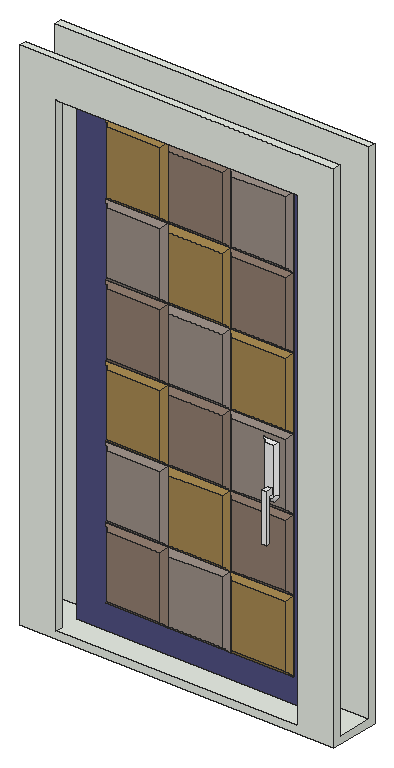
Revit family
Parameters (values of type "현관-단문")
  문열림각도 [instance] = 90.00°
  Thickness = 75 mm
  Function = (empty or 0)
  Frame Projection Ext. = 30 mm
  Frame Projection Int. = 30 mm
  Frame Width = 150 mm
  Height = 2000 mm
  Wall Closure = (empty or 0)
  Width = 1000 mm
  Assembly Code = ""
Reference planes
  plane 1 "center": y = 0
  plane 2 "Center (Left/Right)": x = 0
  plane 3 "Left": x = -500
  plane 4 "Right": x = 500
  plane 5: z = 2000
  plane 6 "Exterior": y = 75
  plane 7 "Interior": y = -75
Forms (mm)
  Extrusion 1, solid, material "돌"
    sketch origin (-3050, -75, 0) x (1, 0, 0) y (0, 0, 1)
      loop
        line (2400, 0) -> (2550, 0) -> (2550, 2000) -> (3550, 2000) -> (3550, 0) -> (3700, 0) -> (3700, 2150) -> (2400, 2150) -> (2400, 0)
    from 0 to 30
  Extrusion 2, solid, material "돌"
    sketch origin (-3050, 75, 0) x (-1, 0, 0) y (0, 0, 1)
      loop
        line (-2550, 0) -> (-2400, 0) -> (-2400, 2150) -> (-3700, 2150) -> (-3700, 0) -> (-3550, 0) -> (-3550, 2000) -> (-2550, 2000) -> (-2550, 0)
    from 0 to 30
  Extrusion 3, solid, material "문판넬"
    sketch origin (0, 0, 0) x (1, 0, 0) y (0, 1, 0)
      loop
        line (-500, 75) -> (-500, 0) -> (500, 0) -> (500, 75) -> (-500, 75)
    from 30.46 to 2000
  Extrusion 4, solid, material "돌"
    sketch origin (0, 0, 0) x (1, 0, 0) y (0, 1, 0)
      loop
        line (-650, 105) -> (-650, -105) -> (650, -105) -> (650, 105) -> (-650, 105)
    from 0 to 30.46
  Sweep 5, void
    path origin (0, 75, 0) x (1, 0, 0) y (0, 0, 1)
      loop
        line (650, 0) -> (650, 2150) -> (-650, 2150) -> (-650, 0)
    profile origin (650, 75, 2150) x (-1, 0, 0) y (0, -1, 0)
      loop
        line (150, -10) -> (140, -10) -> (35, -25) -> (35, -30) -> (150, -30) -> (150, -10)
      loop
        line (150, 218.715) -> (150, 238.715) -> (35, 238.715) -> (35, 233.715) -> (140, 218.715) -> (150, 218.715)
  Extrusion 6, solid, material "판넬 3"
    sketch origin (0, 75, 0) x (1, 0, 0) y (0, 0, 1)
      loop
        line (400, 1930.46) -> (140, 1930.46) -> (140, 1630.46) -> (400, 1630.46) -> (400, 1930.46)
    from -19.841 to 94.731
  Sweep 7, void
    path origin (0, 75, 0) x (1, 0, 0) y (0, 0, 1)
      loop
        line (400, 1630.46) -> (400, 1930.46) -> (140, 1930.46) -> (140, 1630.46) -> (400, 1630.46)
    profile origin (270, 75, 1930.46) x (0, 0, -1) y (0, -1, 0)
      loop
        line (0, 0) -> (0, -19.841) -> (19.841, -19.841) -> (0, 0)
      loop
        line (0, 75) -> (19.731, 94.731) -> (0, 94.731) -> (0, 75)
  Extrusion 8, solid, material "판넬1"
    sketch origin (-260, 75, 0) x (1, 0, 0) y (0, 0, 1)
      loop
        line (400, 1930.46) -> (140, 1930.46) -> (140, 1630.46) -> (400, 1630.46) -> (400, 1930.46)
    from -19.841 to 94.731
  Sweep 9, void
    path origin (-260, 75, 0) x (1, 0, 0) y (0, 0, 1)
      loop
        line (400, 1630.46) -> (400, 1930.46) -> (140, 1930.46) -> (140, 1630.46) -> (400, 1630.46)
    profile origin (10, 75, 1930.46) x (0, 0, -1) y (0, -1, 0)
      loop
        line (0, 0) -> (0, -19.841) -> (19.841, -19.841) -> (0, 0)
      loop
        line (0, 75) -> (19.731, 94.731) -> (0, 94.731) -> (0, 75)
  Extrusion 10, solid, material "판넬2"
    sketch origin (-520, 75, 0) x (1, 0, 0) y (0, 0, 1)
      loop
        line (400, 1930.46) -> (140, 1930.46) -> (140, 1630.46) -> (400, 1630.46) -> (400, 1930.46)
    from -19.841 to 94.731
  Sweep 11, void
    path origin (-520, 75, 0) x (1, 0, 0) y (0, 0, 1)
      loop
        line (400, 1630.46) -> (400, 1930.46) -> (140, 1930.46) -> (140, 1630.46) -> (400, 1630.46)
    profile origin (-250, 75, 1930.46) x (0, 0, -1) y (0, -1, 0)
      loop
        line (0, 0) -> (0, -19.841) -> (19.841, -19.841) -> (0, 0)
      loop
        line (0, 75) -> (19.731, 94.731) -> (0, 94.731) -> (0, 75)
  Extrusion 12, solid, material "판넬1"
    sketch origin (0, 75, -300) x (1, 0, 0) y (0, 0, 1)
      loop
        line (400, 1930.46) -> (140, 1930.46) -> (140, 1630.46) -> (400, 1630.46) -> (400, 1930.46)
    from -19.841 to 94.731
  Sweep 13, void
    path origin (0, 75, -300) x (1, 0, 0) y (0, 0, 1)
      loop
        line (400, 1630.46) -> (400, 1930.46) -> (140, 1930.46) -> (140, 1630.46) -> (400, 1630.46)
    profile origin (270, 75, 1630.46) x (0, 0, -1) y (0, -1, 0)
      loop
        line (0, 0) -> (0, -19.841) -> (19.841, -19.841) -> (0, 0)
      loop
        line (0, 75) -> (19.731, 94.731) -> (0, 94.731) -> (0, 75)
  Extrusion 14, solid, material "판넬2"
    sketch origin (-260, 75, -300) x (1, 0, 0) y (0, 0, 1)
      loop
        line (400, 1930.46) -> (140, 1930.46) -> (140, 1630.46) -> (400, 1630.46) -> (400, 1930.46)
    from -19.841 to 94.731
  Sweep 15, void
    path origin (-260, 75, -300) x (1, 0, 0) y (0, 0, 1)
      loop
        line (400, 1630.46) -> (400, 1930.46) -> (140, 1930.46) -> (140, 1630.46) -> (400, 1630.46)
    profile origin (10, 75, 1630.46) x (0, 0, -1) y (0, -1, 0)
      loop
        line (0, 0) -> (0, -19.841) -> (19.841, -19.841) -> (0, 0)
      loop
        line (0, 75) -> (19.731, 94.731) -> (0, 94.731) -> (0, 75)
  Extrusion 16, solid, material "판넬 3"
    sketch origin (-520, 75, -300) x (1, 0, 0) y (0, 0, 1)
      loop
        line (400, 1930.46) -> (140, 1930.46) -> (140, 1630.46) -> (400, 1630.46) -> (400, 1930.46)
    from -19.841 to 94.731
  Sweep 17, void
    path origin (-520, 75, -300) x (1, 0, 0) y (0, 0, 1)
      loop
        line (400, 1630.46) -> (400, 1930.46) -> (140, 1930.46) -> (140, 1630.46) -> (400, 1630.46)
    profile origin (-250, 75, 1630.46) x (0, 0, -1) y (0, -1, 0)
      loop
        line (0, 0) -> (0, -19.841) -> (19.841, -19.841) -> (0, 0)
      loop
        line (0, 75) -> (19.731, 94.731) -> (0, 94.731) -> (0, 75)
  Extrusion 18, solid, material "판넬2"
    sketch origin (0, 75, -600) x (1, 0, 0) y (0, 0, 1)
      loop
        line (400, 1930.46) -> (140, 1930.46) -> (140, 1630.46) -> (400, 1630.46) -> (400, 1930.46)
    from -19.841 to 94.731
  Sweep 19, void
    path origin (0, 75, -600) x (1, 0, 0) y (0, 0, 1)
      loop
        line (400, 1630.46) -> (400, 1930.46) -> (140, 1930.46) -> (140, 1630.46) -> (400, 1630.46)
    profile origin (270, 75, 1330.46) x (0, 0, -1) y (0, -1, 0)
      loop
        line (0, 0) -> (0, -19.841) -> (19.841, -19.841) -> (0, 0)
      loop
        line (0, 75) -> (19.731, 94.731) -> (0, 94.731) -> (0, 75)
  Extrusion 20, solid, material "판넬 3"
    sketch origin (-260, 75, -600) x (1, 0, 0) y (0, 0, 1)
      loop
        line (400, 1930.46) -> (140, 1930.46) -> (140, 1630.46) -> (400, 1630.46) -> (400, 1930.46)
    from -19.841 to 94.731
  Sweep 21, void
    path origin (-260, 75, -600) x (1, 0, 0) y (0, 0, 1)
      loop
        line (400, 1630.46) -> (400, 1930.46) -> (140, 1930.46) -> (140, 1630.46) -> (400, 1630.46)
    profile origin (10, 75, 1330.46) x (0, 0, -1) y (0, -1, 0)
      loop
        line (0, 0) -> (0, -19.841) -> (19.841, -19.841) -> (0, 0)
      loop
        line (0, 75) -> (19.731, 94.731) -> (0, 94.731) -> (0, 75)
  Extrusion 22, solid, material "판넬1"
    sketch origin (-520, 75, -600) x (1, 0, 0) y (0, 0, 1)
      loop
        line (400, 1930.46) -> (140, 1930.46) -> (140, 1630.46) -> (400, 1630.46) -> (400, 1930.46)
    from -19.841 to 94.731
  Sweep 23, void
    path origin (-520, 75, -600) x (1, 0, 0) y (0, 0, 1)
      loop
        line (400, 1630.46) -> (400, 1930.46) -> (140, 1930.46) -> (140, 1630.46) -> (400, 1630.46)
    profile origin (-250, 75, 1330.46) x (0, 0, -1) y (0, -1, 0)
      loop
        line (0, 0) -> (0, -19.841) -> (19.841, -19.841) -> (0, 0)
      loop
        line (0, 75) -> (19.731, 94.731) -> (0, 94.731) -> (0, 75)
  Extrusion 24, solid, material "판넬 3"
    sketch origin (0, 75, -900) x (1, 0, 0) y (0, 0, 1)
      loop
        line (400, 1930.46) -> (140, 1930.46) -> (140, 1630.46) -> (400, 1630.46) -> (400, 1930.46)
    from -19.841 to 94.731
  Sweep 25, void
    path origin (0, 75, -900) x (1, 0, 0) y (0, 0, 1)
      loop
        line (400, 1630.46) -> (400, 1930.46) -> (140, 1930.46) -> (140, 1630.46) -> (400, 1630.46)
    profile origin (270, 75, 1030.46) x (0, 0, -1) y (0, -1, 0)
      loop
        line (0, 0) -> (0, -19.841) -> (19.841, -19.841) -> (0, 0)
      loop
        line (0, 75) -> (19.731, 94.731) -> (0, 94.731) -> (0, 75)
  Extrusion 26, solid, material "판넬1"
    sketch origin (-260, 75, -900) x (1, 0, 0) y (0, 0, 1)
      loop
        line (400, 1930.46) -> (140, 1930.46) -> (140, 1630.46) -> (400, 1630.46) -> (400, 1930.46)
    from -19.841 to 94.731
  Sweep 27, void
    path origin (-260, 75, -900) x (1, 0, 0) y (0, 0, 1)
      loop
        line (400, 1630.46) -> (400, 1930.46) -> (140, 1930.46) -> (140, 1630.46) -> (400, 1630.46)
    profile origin (10, 75, 1030.46) x (0, 0, -1) y (0, -1, 0)
      loop
        line (0, 0) -> (0, -19.841) -> (19.841, -19.841) -> (0, 0)
      loop
        line (0, 75) -> (19.731, 94.731) -> (0, 94.731) -> (0, 75)
  Extrusion 28, solid, material "판넬2"
    sketch origin (-520, 75, -900) x (1, 0, 0) y (0, 0, 1)
      loop
        line (400, 1930.46) -> (140, 1930.46) -> (140, 1630.46) -> (400, 1630.46) -> (400, 1930.46)
    from -19.841 to 94.731
  Sweep 29, void
    path origin (-520, 75, -900) x (1, 0, 0) y (0, 0, 1)
      loop
        line (400, 1630.46) -> (400, 1930.46) -> (140, 1930.46) -> (140, 1630.46) -> (400, 1630.46)
    profile origin (-250, 75, 1030.46) x (0, 0, -1) y (0, -1, 0)
      loop
        line (0, 0) -> (0, -19.841) -> (19.841, -19.841) -> (0, 0)
      loop
        line (0, 75) -> (19.731, 94.731) -> (0, 94.731) -> (0, 75)
  Extrusion 30, solid, material "판넬1"
    sketch origin (0, 75, -1200) x (1, 0, 0) y (0, 0, 1)
      loop
        line (400, 1930.46) -> (140, 1930.46) -> (140, 1630.46) -> (400, 1630.46) -> (400, 1930.46)
    from -19.841 to 94.731
  Sweep 31, void
    path origin (0, 75, -1200) x (1, 0, 0) y (0, 0, 1)
      loop
        line (400, 1630.46) -> (400, 1930.46) -> (140, 1930.46) -> (140, 1630.46) -> (400, 1630.46)
    profile origin (270, 75, 730.46) x (0, 0, -1) y (0, -1, 0)
      loop
        line (0, 0) -> (0, -19.841) -> (19.841, -19.841) -> (0, 0)
      loop
        line (0, 75) -> (19.731, 94.731) -> (0, 94.731) -> (0, 75)
  Extrusion 32, solid, material "판넬2"
    sketch origin (-260, 75, -1200) x (1, 0, 0) y (0, 0, 1)
      loop
        line (400, 1930.46) -> (140, 1930.46) -> (140, 1630.46) -> (400, 1630.46) -> (400, 1930.46)
    from -19.841 to 94.731
  Sweep 33, void
    path origin (-260, 75, -1200) x (1, 0, 0) y (0, 0, 1)
      loop
        line (400, 1630.46) -> (400, 1930.46) -> (140, 1930.46) -> (140, 1630.46) -> (400, 1630.46)
    profile origin (10, 75, 730.46) x (0, 0, -1) y (0, -1, 0)
      loop
        line (0, 0) -> (0, -19.841) -> (19.841, -19.841) -> (0, 0)
      loop
        line (0, 75) -> (19.731, 94.731) -> (0, 94.731) -> (0, 75)
  Extrusion 34, solid, material "판넬 3"
    sketch origin (-520, 75, -1200) x (1, 0, 0) y (0, 0, 1)
      loop
        line (400, 1930.46) -> (140, 1930.46) -> (140, 1630.46) -> (400, 1630.46) -> (400, 1930.46)
    from -19.841 to 94.731
  Sweep 35, void
    path origin (-520, 75, -1200) x (1, 0, 0) y (0, 0, 1)
      loop
        line (400, 1630.46) -> (400, 1930.46) -> (140, 1930.46) -> (140, 1630.46) -> (400, 1630.46)
    profile origin (-250, 75, 730.46) x (0, 0, -1) y (0, -1, 0)
      loop
        line (0, 0) -> (0, -19.841) -> (19.841, -19.841) -> (0, 0)
      loop
        line (0, 75) -> (19.731, 94.731) -> (0, 94.731) -> (0, 75)
  Extrusion 36, solid, material "판넬2"
    sketch origin (0, 75, -1500) x (1, 0, 0) y (0, 0, 1)
      loop
        line (400, 1930.46) -> (140, 1930.46) -> (140, 1630.46) -> (400, 1630.46) -> (400, 1930.46)
    from -19.841 to 94.731
  Sweep 37, void
    path origin (0, 75, -1500) x (1, 0, 0) y (0, 0, 1)
      loop
        line (400, 1630.46) -> (400, 1930.46) -> (140, 1930.46) -> (140, 1630.46) -> (400, 1630.46)
    profile origin (270, 75, 430.46) x (0, 0, -1) y (0, -1, 0)
      loop
        line (0, 0) -> (0, -19.841) -> (19.841, -19.841) -> (0, 0)
      loop
        line (0, 75) -> (19.731, 94.731) -> (0, 94.731) -> (0, 75)
  Extrusion 38, solid, material "판넬 3"
    sketch origin (-260, 75, -1500) x (1, 0, 0) y (0, 0, 1)
      loop
        line (400, 1930.46) -> (140, 1930.46) -> (140, 1630.46) -> (400, 1630.46) -> (400, 1930.46)
    from -19.841 to 94.731
  Sweep 39, void
    path origin (-260, 75, -1500) x (1, 0, 0) y (0, 0, 1)
      loop
        line (400, 1630.46) -> (400, 1930.46) -> (140, 1930.46) -> (140, 1630.46) -> (400, 1630.46)
    profile origin (10, 75, 430.46) x (0, 0, -1) y (0, -1, 0)
      loop
        line (0, 0) -> (0, -19.841) -> (19.841, -19.841) -> (0, 0)
      loop
        line (0, 75) -> (19.731, 94.731) -> (0, 94.731) -> (0, 75)
  Extrusion 40, solid, material "판넬1"
    sketch origin (-520, 75, -1500) x (1, 0, 0) y (0, 0, 1)
      loop
        line (400, 1930.46) -> (140, 1930.46) -> (140, 1630.46) -> (400, 1630.46) -> (400, 1930.46)
    from -19.841 to 94.731
  Sweep 41, void
    path origin (-520, 75, -1500) x (1, 0, 0) y (0, 0, 1)
      loop
        line (400, 1630.46) -> (400, 1930.46) -> (140, 1930.46) -> (140, 1630.46) -> (400, 1630.46)
    profile origin (-250, 75, 430.46) x (0, 0, -1) y (0, -1, 0)
      loop
        line (0, 0) -> (0, -19.841) -> (19.841, -19.841) -> (0, 0)
      loop
        line (0, 75) -> (19.731, 94.731) -> (0, 94.731) -> (0, 75)
  Blend 42, solid, material "손잡이"
    base sketch origin (0, 75, 0) x (1, 0, 0) y (0, 0, 1)
      loop
        line (351.662, 994.074) -> (291.662, 994.074) -> (291.662, 794.074)
        arc (291.662, 794.074) -> (321.662, 764.074) -> (351.662, 794.074) r 30
        line (351.662, 794.074) -> (351.662, 994.074)
    top sketch origin (0, 75, 0) x (1, 0, 0) y (0, 0, 1)
      loop
        line (341.662, 979.074) -> (301.662, 979.074) -> (301.662, 795.741)
        arc (301.662, 795.741) -> (321.662, 775.741) -> (341.662, 795.741) r 20
        line (341.662, 795.741) -> (341.662, 979.074)
    from -19.841 to -30
  Extrusion 43, solid, material "손잡이"
    sketch origin (0, 0, -35) x (0, 1, 0) y (0, 0, 1)
      loop
        line (105, 855.46) -> (105, 830.46) -> (120, 830.46) -> (120, 655.46) -> (135, 655.46) -> (135, 855.46) -> (105, 855.46)
    from 314.932 to 333.495
  Blend 44, solid, material "손잡이"
    base sketch origin (0, 0.11, 0) x (1, 0, 0) y (0, 0, -1)
      loop
        line (351.662, -994.074) -> (351.662, -794.074)
        arc (351.662, -794.074) -> (321.662, -764.074) -> (291.662, -794.074) r 30
        line (291.662, -794.074) -> (291.662, -994.074) -> (351.662, -994.074)
    top sketch origin (0, 0.11, 0) x (1, 0, 0) y (0, 0, -1)
      loop
        line (341.662, -979.074) -> (341.662, -795.741)
        arc (341.662, -795.741) -> (321.662, -775.741) -> (301.662, -795.741) r 20
        line (301.662, -795.741) -> (301.662, -979.074) -> (341.662, -979.074)
    from -19.841 to -30
  Extrusion 45, solid, material "손잡이"
    sketch origin (0, 75.11, -35) x (0, -1, 0) y (0, 0, -1)
      loop
        line (105, -855.46) -> (135, -855.46) -> (135, -655.46) -> (120, -655.46) -> (120, -830.46) -> (105, -830.46) -> (105, -855.46)
    from 314.932 to 333.495
Cuts and joins
  Sweep 5, Sweep 7, Sweep 9, Sweep 11, Sweep 13, Sweep 15, Sweep 17, Sweep 19, Sweep 21, Sweep 23, Sweep 25, Sweep 27, Sweep 29, Sweep 31, Sweep 33, Sweep 35, Sweep 37, Sweep 39, Sweep 41 cuts Extrusion 1
  Sweep 5, Sweep 7, Sweep 9, Sweep 11, Sweep 13, Sweep 15, Sweep 17, Sweep 19, Sweep 21, Sweep 23, Sweep 25, Sweep 27, Sweep 29, Sweep 31, Sweep 33, Sweep 35, Sweep 37, Sweep 39, Sweep 41 cuts Extrusion 2
  Sweep 5, Sweep 7, Sweep 9, Sweep 11, Sweep 13, Sweep 15, Sweep 17, Sweep 19, Sweep 21, Sweep 23, Sweep 25, Sweep 27, Sweep 29, Sweep 31, Sweep 33, Sweep 35, Sweep 37, Sweep 39, Sweep 41 cuts Extrusion 4
  joined: Extrusion 1, Extrusion 2, Extrusion 4
  Sweep 5, Sweep 7, Sweep 9, Sweep 11, Sweep 13, Sweep 15, Sweep 17, Sweep 19, Sweep 21, Sweep 23, Sweep 25, Sweep 27, Sweep 29, Sweep 31, Sweep 33, Sweep 35, Sweep 37, Sweep 39, Sweep 41 cuts Extrusion 3
  Sweep 7, Sweep 9, Sweep 11, Sweep 15, Sweep 17 cuts Extrusion 6
  Sweep 9, Sweep 11, Sweep 13, Sweep 15, Sweep 17, Sweep 19 cuts Extrusion 8
  Sweep 11, Sweep 13, Sweep 17, Sweep 19 cuts Extrusion 10
  Sweep 13, Sweep 15, Sweep 17, Sweep 21, Sweep 23 cuts Extrusion 12
  Sweep 15, Sweep 17, Sweep 19, Sweep 21, Sweep 23, Sweep 25 cuts Extrusion 14
  Sweep 17, Sweep 19, Sweep 23, Sweep 25 cuts Extrusion 16
  Sweep 19, Sweep 21, Sweep 23, Sweep 27, Sweep 29 cuts Extrusion 18
  Sweep 21, Sweep 23, Sweep 25, Sweep 27, Sweep 29, Sweep 31 cuts Extrusion 20
  Sweep 23, Sweep 25, Sweep 29, Sweep 31 cuts Extrusion 22
  Sweep 25, Sweep 27, Sweep 29, Sweep 33, Sweep 35 cuts Extrusion 24
  Sweep 27, Sweep 29, Sweep 31, Sweep 33, Sweep 35, Sweep 37 cuts Extrusion 26
  Sweep 29, Sweep 31, Sweep 35, Sweep 37 cuts Extrusion 28
  Sweep 31, Sweep 33, Sweep 35, Sweep 39, Sweep 41 cuts Extrusion 30
  Sweep 33, Sweep 35, Sweep 37, Sweep 39, Sweep 41 cuts Extrusion 32
  Sweep 35, Sweep 37, Sweep 41 cuts Extrusion 34
  Sweep 37, Sweep 39, Sweep 41 cuts Extrusion 36
  Sweep 39, Sweep 41 cuts Extrusion 38
  Sweep 41 cuts Extrusion 40
Lines and regions (mm)
  Opening 1
    outline origin (-3050, -75, 0) x (1, 0, 0) y (0, 0, 1)
      loop
        line (2550, 0) -> (3550, 0) -> (3550, 2000) -> (2550, 2000) -> (2550, 0)
  symbolic lines, style "Elevation Swing"
    curve 1: line (500, -75, 1000) -> (-500, -75, 2000)
    curve 2: line (500, -75, 1000) -> (-500, -75, 0)
    curve 3: line (-500, 75, 0) -> (500, 75, 1000)
    curve 4: line (500, 75, 1000) -> (-500, 75, 2000)
  symbolic lines, style "Plan Swing"
    curve 5: line (-500, 75, 0) -> (-425, 75, 0)
    curve 6: line (-500, 1075, 0) -> (-500, 75, 0)
    curve 7: line (-425, 1075, 0) -> (-500, 1075, 0)
    curve 8: line (-425, 75, 0) -> (-425, 1075, 0)
    curve 9: arc (500, 75, 0) -> (207.107, 782.107, 0) -> (-500, 1075, 0) r 1000
Text (mm)
  text "Exterior" at (-2295.016, 1099.543, 0), in view "Ref. Level"
  text "Exterior" at (0, 1615.38, 3698.081), in view "Left"
  text "Exterior" at (0, 1036.032, 3874.932), in view "Right"
Dimensions and locks
  equal spacing: plane 3 "Left", plane 2 "Center (Left/Right)", plane 4 "Right"
  "Width": plane 3 "Left" to plane 4 "Right"
  "Height": plane 5 to host wall
  equal spacing: host wall, curve 2, plane 5
  equal spacing: host wall, curve 4, plane 5
  "Frame Projection Ext.": Extrusion 2 to Extrusion 2
  "Frame Projection Int.": Extrusion 1 to Extrusion 1
  "Frame Width": plane 3 "Left" to Extrusion 1 sketch curve
  "Frame Width": plane 4 "Right" to Extrusion 1 sketch curve
  "Frame Width": Extrusion 1 sketch curve to plane 5
  "Frame Width": plane 4 "Right" to Extrusion 2 sketch curve
  "Frame Width": plane 3 "Left" to Extrusion 2 sketch curve
  "Frame Width": plane 5 to Extrusion 2 sketch curve
  locked: plane 6 "Exterior" to host wall at 0
  locked: plane 7 "Interior" to host wall
  level to Extrusion 3 = 30.46 mm
  cut or joined group 1 (Extrusion 1, Extrusion 2, Extrusion 4, Sweep 5, Sweep 7, Sweep 9, Sweep 11, Sweep 13, Sweep 15, Sweep 17, Sweep 19, Sweep 21, Sweep 23, Sweep 25, Sweep 27, Sweep 29, Sweep 31, Sweep 33, Sweep 35, Sweep 37, Sweep 39, Sweep 41) to Extrusion 6 = 19.841 mm
  "Thickness": cut or joined group 2 (Extrusion 3, Sweep 5, Sweep 7, Sweep 9, Sweep 11, Sweep 13, Sweep 15, Sweep 17, Sweep 19, Sweep 21, Sweep 23, Sweep 25, Sweep 27, Sweep 29, Sweep 31, Sweep 33, Sweep 35, Sweep 37, Sweep 39, Sweep 41) to cut or joined group 2
  "Thickness": curve 6 to curve 8
  "Width": curve 5 to curve 7
  aligned and locked: plane 3 "Left" to Opening 1 sketch curve
  aligned and locked: plane 5 to Opening 1 sketch curve  (x2)
  aligned and locked: Opening 1 sketch curve to plane 4 "Right"
  aligned and locked: Opening 1 sketch curve to level
  aligned and locked: level to Extrusion 1 sketch curve
  aligned and locked: plane 5 to Extrusion 1 sketch curve  (x2)
  aligned and locked: Extrusion 1 sketch curve to plane 4 "Right"
  aligned and locked: plane 3 "Left" to Extrusion 1 sketch curve
  aligned and locked: plane 3 "Left" to Extrusion 2 sketch curve
  aligned and locked: plane 5 to Extrusion 2 sketch curve  (x2)
  aligned and locked: level to Extrusion 2 sketch curve
  aligned and locked: plane 5 to curve 1
  aligned and locked: plane 3 "Left" to curve 2
  aligned and locked: plane 1 "center" to host wall
  aligned and locked: host wall to Extrusion 3 sketch curve
  aligned and locked: Extrusion 3 sketch curve to host wall  (x2)
  aligned and locked: Extrusion 3 to host wall  (x3)
  aligned and locked: Extrusion 4 sketch curve to Extrusion 2  (x2)
  aligned and locked: Extrusion 1 to Extrusion 4 sketch curve
  aligned and locked: Extrusion 4 sketch curve to Extrusion 1
  aligned and locked: Extrusion 4 to Extrusion 3
  aligned and locked: Sweep 5 sketch curve to cut or joined group 1  (x2)
  aligned and locked: cut or joined group 1 to Sweep 5 sketch curve
  aligned and locked: Sweep 5 sketch curve to Extrusion 1
  aligned and locked: Sweep 7 sketch curve to Extrusion 6
  aligned and locked: Sweep 9 sketch curve to Extrusion 8
  aligned and locked: Sweep 11 sketch curve to Extrusion 10
  aligned and locked: Sweep 13 sketch curve to Extrusion 12
  aligned and locked: Sweep 15 sketch curve to Extrusion 14
  aligned and locked: Sweep 17 sketch curve to Extrusion 16
  aligned and locked: Sweep 19 sketch curve to Extrusion 18
  aligned and locked: Sweep 21 sketch curve to Extrusion 20
  aligned and locked: Sweep 23 sketch curve to Extrusion 22
  aligned and locked: Sweep 25 sketch curve to Extrusion 24
  aligned and locked: Sweep 27 sketch curve to Extrusion 26
  aligned and locked: Sweep 29 sketch curve to Extrusion 28
  aligned and locked: Sweep 31 sketch curve to Extrusion 30
  aligned and locked: Sweep 33 sketch curve to Extrusion 32
  aligned and locked: Sweep 35 sketch curve to Extrusion 34
  aligned and locked: Sweep 37 sketch curve to Extrusion 36
  aligned and locked: Sweep 39 sketch curve to Extrusion 38
  aligned and locked: Sweep 41 sketch curve to Extrusion 40
Automatic sketch dimensions
  curve 4 to plane 3 "Left" = 0 mm
  curve 4 to plane 5 = 0 mm
  curve 3 to level = 0 mm
  curve 2 to level = 0 mm
  curve 1 to plane 3 "Left" = 0 mm
  curve 3 to plane 3 "Left" = 0 mm
  Extrusion 1 sketch curve to level = 0 mm
  Extrusion 2 sketch curve to plane 4 "Right" = 0 mm
  Extrusion 2 sketch curve to level = 0 mm
  curve 5 to host wall = 0 mm
  curve 5 to plane 3 "Left" = 0 mm
  curve 9 to host wall = 0 mm
  Extrusion 3 sketch curve to host wall = 0 mm
  Sweep 5 sketch curve to level = 0 mm
  Sweep 5 sketch curve to profile plane = 35 mm  (x2)
  Sweep 5 sketch curve to plane 6 "Exterior" = 10 mm
  Sweep 5 sketch curve to Sweep 5 sketch curve = 105 mm  (x2)
  Sweep 5 sketch curve to Sweep 5 sketch curve = 10 mm  (x2)
  Sweep 5 sketch curve to plane 6 "Exterior" = 25 mm
  Sweep 5 sketch curve to Sweep 5 sketch curve = 20 mm  (x2)
  plane 6 "Exterior" to Sweep 5 sketch curve = 218.715 mm
  Sweep 5 sketch curve to Sweep 5 sketch curve = 15 mm
  plane 5 to Extrusion 6 sketch curve = 69.54 mm
  plane 2 "Center (Left/Right)" to Extrusion 6 sketch curve = 140 mm
  plane 4 "Right" to Extrusion 6 sketch curve = 100 mm
  Extrusion 6 sketch curve to Extrusion 6 sketch curve = 300 mm
  plane 2 "Center (Left/Right)" to Sweep 7 sketch curve = 140 mm
  plane 4 "Right" to Sweep 7 sketch curve = 100 mm
  plane 5 to Sweep 7 sketch curve = 69.54 mm
  Sweep 7 sketch curve to plane 6 "Exterior" = 0 mm
  Sweep 7 sketch curve to profile plane = 0 mm  (x2)
  Sweep 7 sketch curve to profile plane = 19.731 mm
  Sweep 7 sketch curve to profile plane = 19.841 mm
  Sweep 7 sketch curve to Sweep 7 sketch curve = 19.841 mm
  plane 6 "Exterior" to Sweep 7 sketch curve = 75 mm
  Sweep 7 sketch curve to Sweep 7 sketch curve = 19.731 mm
  Extrusion 8 sketch curve to plane 2 "Center (Left/Right)" = 120 mm
  plane 2 "Center (Left/Right)" to Extrusion 8 sketch curve = 140 mm
  plane 5 to Extrusion 8 sketch curve = 369.54 mm
  plane 5 to Extrusion 8 sketch curve = 69.54 mm
  Sweep 9 sketch curve to plane 2 "Center (Left/Right)" = 120 mm
  plane 5 to Sweep 9 sketch curve = 69.54 mm
  plane 2 "Center (Left/Right)" to Sweep 9 sketch curve = 140 mm
  Sweep 9 sketch curve to plane 6 "Exterior" = 0 mm
  Sweep 9 sketch curve to profile plane = 0 mm  (x2)
  Sweep 9 sketch curve to Sweep 9 sketch curve = 19.731 mm  (x2)
  Sweep 9 sketch curve to Sweep 9 sketch curve = 19.841 mm  (x2)
  plane 6 "Exterior" to Sweep 9 sketch curve = 75 mm
  Extrusion 10 sketch curve to plane 3 "Left" = 120 mm
  Extrusion 10 sketch curve to plane 2 "Center (Left/Right)" = 120 mm
  plane 5 to Extrusion 10 sketch curve = 369.54 mm
  plane 5 to Extrusion 10 sketch curve = 69.54 mm
  Sweep 11 sketch curve to plane 3 "Left" = 120 mm
  Sweep 11 sketch curve to plane 2 "Center (Left/Right)" = 120 mm
  plane 5 to Sweep 11 sketch curve = 69.54 mm
  Sweep 11 sketch curve to plane 6 "Exterior" = 0 mm
  Sweep 11 sketch curve to profile plane = 0 mm  (x2)
  Sweep 11 sketch curve to profile plane = 19.731 mm
  Sweep 11 sketch curve to profile plane = 19.841 mm
  Sweep 11 sketch curve to Sweep 11 sketch curve = 19.841 mm
  plane 6 "Exterior" to Sweep 11 sketch curve = 75 mm
  Sweep 11 sketch curve to Sweep 11 sketch curve = 19.731 mm
  plane 2 "Center (Left/Right)" to Extrusion 12 sketch curve = 140 mm
  plane 4 "Right" to Extrusion 12 sketch curve = 100 mm
  plane 5 to Extrusion 12 sketch curve = 669.54 mm
  Extrusion 12 sketch curve to Extrusion 12 sketch curve = 300 mm
  plane 2 "Center (Left/Right)" to Sweep 13 sketch curve = 140 mm
  plane 4 "Right" to Sweep 13 sketch curve = 100 mm
  Sweep 13 sketch curve to Sweep 13 sketch curve = 300 mm
  Sweep 13 sketch curve to plane 6 "Exterior" = 0 mm
  Sweep 13 sketch curve to profile plane = 0 mm  (x2)
  Sweep 13 sketch curve to profile plane = 19.731 mm
  Sweep 13 sketch curve to profile plane = 19.841 mm
  Sweep 13 sketch curve to Sweep 13 sketch curve = 19.841 mm
  plane 6 "Exterior" to Sweep 13 sketch curve = 75 mm
  Sweep 13 sketch curve to Sweep 13 sketch curve = 19.731 mm
  Extrusion 14 sketch curve to plane 2 "Center (Left/Right)" = 120 mm
  plane 2 "Center (Left/Right)" to Extrusion 14 sketch curve = 140 mm
  plane 5 to Extrusion 14 sketch curve = 669.54 mm
  Extrusion 14 sketch curve to Extrusion 14 sketch curve = 300 mm
  Sweep 15 sketch curve to plane 2 "Center (Left/Right)" = 120 mm
  plane 2 "Center (Left/Right)" to Sweep 15 sketch curve = 140 mm
  Sweep 15 sketch curve to Sweep 15 sketch curve = 300 mm
  Sweep 15 sketch curve to plane 6 "Exterior" = 0 mm
  Sweep 15 sketch curve to profile plane = 0 mm  (x2)
  Sweep 15 sketch curve to Sweep 15 sketch curve = 19.731 mm  (x2)
  Sweep 15 sketch curve to Sweep 15 sketch curve = 19.841 mm  (x2)
  plane 6 "Exterior" to Sweep 15 sketch curve = 75 mm
  Extrusion 16 sketch curve to plane 3 "Left" = 120 mm
  Extrusion 16 sketch curve to plane 2 "Center (Left/Right)" = 120 mm
  plane 5 to Extrusion 16 sketch curve = 669.54 mm
  Extrusion 16 sketch curve to Extrusion 16 sketch curve = 300 mm
  Sweep 17 sketch curve to plane 3 "Left" = 120 mm
  Sweep 17 sketch curve to plane 2 "Center (Left/Right)" = 120 mm
  Sweep 17 sketch curve to Sweep 17 sketch curve = 300 mm
  Sweep 17 sketch curve to plane 6 "Exterior" = 0 mm
  Sweep 17 sketch curve to profile plane = 0 mm  (x2)
  Sweep 17 sketch curve to profile plane = 19.731 mm
  Sweep 17 sketch curve to profile plane = 19.841 mm
  Sweep 17 sketch curve to Sweep 17 sketch curve = 19.841 mm
  plane 6 "Exterior" to Sweep 17 sketch curve = 75 mm
  Sweep 17 sketch curve to Sweep 17 sketch curve = 19.731 mm
  plane 2 "Center (Left/Right)" to Extrusion 18 sketch curve = 140 mm
  plane 4 "Right" to Extrusion 18 sketch curve = 100 mm
  plane 5 to Extrusion 18 sketch curve = 969.54 mm
  Extrusion 18 sketch curve to Extrusion 18 sketch curve = 300 mm
  plane 2 "Center (Left/Right)" to Sweep 19 sketch curve = 140 mm
  plane 4 "Right" to Sweep 19 sketch curve = 100 mm
  Sweep 19 sketch curve to Sweep 19 sketch curve = 300 mm
  Sweep 19 sketch curve to plane 6 "Exterior" = 0 mm
  Sweep 19 sketch curve to profile plane = 0 mm  (x2)
  Sweep 19 sketch curve to profile plane = 19.731 mm
  Sweep 19 sketch curve to profile plane = 19.841 mm
  Sweep 19 sketch curve to Sweep 19 sketch curve = 19.841 mm
  plane 6 "Exterior" to Sweep 19 sketch curve = 75 mm
  Sweep 19 sketch curve to Sweep 19 sketch curve = 19.731 mm
  Extrusion 20 sketch curve to plane 2 "Center (Left/Right)" = 120 mm
  plane 2 "Center (Left/Right)" to Extrusion 20 sketch curve = 140 mm
  plane 5 to Extrusion 20 sketch curve = 969.54 mm
  Extrusion 20 sketch curve to Extrusion 20 sketch curve = 300 mm
  Sweep 21 sketch curve to plane 2 "Center (Left/Right)" = 120 mm
  plane 2 "Center (Left/Right)" to Sweep 21 sketch curve = 140 mm
  Sweep 21 sketch curve to Sweep 21 sketch curve = 300 mm
  Sweep 21 sketch curve to plane 6 "Exterior" = 0 mm
  Sweep 21 sketch curve to profile plane = 0 mm  (x2)
  Sweep 21 sketch curve to Sweep 21 sketch curve = 19.731 mm  (x2)
  Sweep 21 sketch curve to Sweep 21 sketch curve = 19.841 mm  (x2)
  plane 6 "Exterior" to Sweep 21 sketch curve = 75 mm
  Extrusion 22 sketch curve to plane 3 "Left" = 120 mm
  Extrusion 22 sketch curve to plane 2 "Center (Left/Right)" = 120 mm
  plane 5 to Extrusion 22 sketch curve = 969.54 mm
  Extrusion 22 sketch curve to Extrusion 22 sketch curve = 300 mm
  Sweep 23 sketch curve to plane 3 "Left" = 120 mm
  Sweep 23 sketch curve to plane 2 "Center (Left/Right)" = 120 mm
  Sweep 23 sketch curve to Sweep 23 sketch curve = 300 mm
  Sweep 23 sketch curve to plane 6 "Exterior" = 0 mm
  Sweep 23 sketch curve to profile plane = 0 mm  (x2)
  Sweep 23 sketch curve to profile plane = 19.731 mm
  Sweep 23 sketch curve to profile plane = 19.841 mm
  Sweep 23 sketch curve to Sweep 23 sketch curve = 19.841 mm
  plane 6 "Exterior" to Sweep 23 sketch curve = 75 mm
  Sweep 23 sketch curve to Sweep 23 sketch curve = 19.731 mm
  plane 2 "Center (Left/Right)" to Extrusion 24 sketch curve = 140 mm
  plane 4 "Right" to Extrusion 24 sketch curve = 100 mm
  level to Extrusion 24 sketch curve = 730.46 mm
  Extrusion 24 sketch curve to Extrusion 24 sketch curve = 300 mm
  plane 2 "Center (Left/Right)" to Sweep 25 sketch curve = 140 mm
  plane 4 "Right" to Sweep 25 sketch curve = 100 mm
  Sweep 25 sketch curve to Sweep 25 sketch curve = 300 mm
  Sweep 25 sketch curve to plane 6 "Exterior" = 0 mm
  Sweep 25 sketch curve to profile plane = 0 mm  (x2)
  Sweep 25 sketch curve to Sweep 25 sketch curve = 19.731 mm  (x2)
  Sweep 25 sketch curve to Sweep 25 sketch curve = 19.841 mm  (x2)
  plane 6 "Exterior" to Sweep 25 sketch curve = 75 mm
  Extrusion 26 sketch curve to plane 2 "Center (Left/Right)" = 120 mm
  plane 2 "Center (Left/Right)" to Extrusion 26 sketch curve = 140 mm
  level to Extrusion 26 sketch curve = 730.46 mm
  Extrusion 26 sketch curve to Extrusion 26 sketch curve = 300 mm
  Sweep 27 sketch curve to plane 2 "Center (Left/Right)" = 120 mm
  plane 2 "Center (Left/Right)" to Sweep 27 sketch curve = 140 mm
  Sweep 27 sketch curve to Sweep 27 sketch curve = 300 mm
  Sweep 27 sketch curve to plane 6 "Exterior" = 0 mm
  Sweep 27 sketch curve to profile plane = 0 mm  (x2)
  Sweep 27 sketch curve to Sweep 27 sketch curve = 19.731 mm  (x2)
  Sweep 27 sketch curve to Sweep 27 sketch curve = 19.841 mm  (x2)
  plane 6 "Exterior" to Sweep 27 sketch curve = 75 mm
  Extrusion 28 sketch curve to plane 3 "Left" = 120 mm
  Extrusion 28 sketch curve to plane 2 "Center (Left/Right)" = 120 mm
  level to Extrusion 28 sketch curve = 730.46 mm
  Extrusion 28 sketch curve to Extrusion 28 sketch curve = 300 mm
  Sweep 29 sketch curve to plane 3 "Left" = 120 mm
  Sweep 29 sketch curve to plane 2 "Center (Left/Right)" = 120 mm
  Sweep 29 sketch curve to Sweep 29 sketch curve = 300 mm
  Sweep 29 sketch curve to plane 6 "Exterior" = 0 mm
  Sweep 29 sketch curve to profile plane = 0 mm  (x2)
  Sweep 29 sketch curve to Sweep 29 sketch curve = 19.731 mm  (x2)
  Sweep 29 sketch curve to Sweep 29 sketch curve = 19.841 mm  (x2)
  plane 6 "Exterior" to Sweep 29 sketch curve = 75 mm
  plane 2 "Center (Left/Right)" to Extrusion 30 sketch curve = 140 mm
  plane 4 "Right" to Extrusion 30 sketch curve = 100 mm
  level to Extrusion 30 sketch curve = 430.46 mm
  Extrusion 30 sketch curve to Extrusion 30 sketch curve = 300 mm
  plane 2 "Center (Left/Right)" to Sweep 31 sketch curve = 140 mm
  plane 4 "Right" to Sweep 31 sketch curve = 100 mm
  Sweep 31 sketch curve to Sweep 31 sketch curve = 300 mm
  Sweep 31 sketch curve to plane 6 "Exterior" = 0 mm
  Sweep 31 sketch curve to profile plane = 0 mm  (x2)
  Sweep 31 sketch curve to Sweep 31 sketch curve = 19.731 mm  (x2)
  Sweep 31 sketch curve to Sweep 31 sketch curve = 19.841 mm  (x2)
  plane 6 "Exterior" to Sweep 31 sketch curve = 75 mm
  Extrusion 32 sketch curve to plane 2 "Center (Left/Right)" = 120 mm
  plane 2 "Center (Left/Right)" to Extrusion 32 sketch curve = 140 mm
  level to Extrusion 32 sketch curve = 430.46 mm
  Extrusion 32 sketch curve to Extrusion 32 sketch curve = 300 mm
  Sweep 33 sketch curve to plane 2 "Center (Left/Right)" = 120 mm
  plane 2 "Center (Left/Right)" to Sweep 33 sketch curve = 140 mm
  Sweep 33 sketch curve to Sweep 33 sketch curve = 300 mm
  Sweep 33 sketch curve to plane 6 "Exterior" = 0 mm
  Sweep 33 sketch curve to profile plane = 0 mm  (x2)
  Sweep 33 sketch curve to Sweep 33 sketch curve = 19.731 mm  (x2)
  Sweep 33 sketch curve to Sweep 33 sketch curve = 19.841 mm  (x2)
  plane 6 "Exterior" to Sweep 33 sketch curve = 75 mm
  Extrusion 34 sketch curve to plane 3 "Left" = 120 mm
  Extrusion 34 sketch curve to plane 2 "Center (Left/Right)" = 120 mm
  level to Extrusion 34 sketch curve = 430.46 mm
  Extrusion 34 sketch curve to Extrusion 34 sketch curve = 300 mm
  Sweep 35 sketch curve to plane 3 "Left" = 120 mm
  Sweep 35 sketch curve to plane 2 "Center (Left/Right)" = 120 mm
  Sweep 35 sketch curve to Sweep 35 sketch curve = 300 mm
  Sweep 35 sketch curve to plane 6 "Exterior" = 0 mm
  Sweep 35 sketch curve to profile plane = 0 mm  (x2)
  Sweep 35 sketch curve to Sweep 35 sketch curve = 19.731 mm  (x2)
  Sweep 35 sketch curve to Sweep 35 sketch curve = 19.841 mm  (x2)
  plane 6 "Exterior" to Sweep 35 sketch curve = 75 mm
  plane 2 "Center (Left/Right)" to Extrusion 36 sketch curve = 140 mm
  plane 4 "Right" to Extrusion 36 sketch curve = 100 mm
  level to Extrusion 36 sketch curve = 130.46 mm
  Extrusion 36 sketch curve to Extrusion 36 sketch curve = 300 mm
  plane 2 "Center (Left/Right)" to Sweep 37 sketch curve = 140 mm
  plane 4 "Right" to Sweep 37 sketch curve = 100 mm
  Sweep 37 sketch curve to Sweep 37 sketch curve = 300 mm
  Sweep 37 sketch curve to plane 6 "Exterior" = 0 mm
  Sweep 37 sketch curve to profile plane = 0 mm  (x2)
  Sweep 37 sketch curve to Sweep 37 sketch curve = 19.731 mm  (x2)
  Sweep 37 sketch curve to Sweep 37 sketch curve = 19.841 mm  (x2)
  plane 6 "Exterior" to Sweep 37 sketch curve = 75 mm
  Extrusion 38 sketch curve to plane 2 "Center (Left/Right)" = 120 mm
  plane 2 "Center (Left/Right)" to Extrusion 38 sketch curve = 140 mm
  level to Extrusion 38 sketch curve = 130.46 mm
  Extrusion 38 sketch curve to Extrusion 38 sketch curve = 300 mm
  Sweep 39 sketch curve to plane 2 "Center (Left/Right)" = 120 mm
  plane 2 "Center (Left/Right)" to Sweep 39 sketch curve = 140 mm
  Sweep 39 sketch curve to Sweep 39 sketch curve = 300 mm
  Sweep 39 sketch curve to plane 6 "Exterior" = 0 mm
  Sweep 39 sketch curve to profile plane = 0 mm  (x2)
  Sweep 39 sketch curve to Sweep 39 sketch curve = 19.731 mm  (x2)
  Sweep 39 sketch curve to Sweep 39 sketch curve = 19.841 mm  (x2)
  plane 6 "Exterior" to Sweep 39 sketch curve = 75 mm
  Extrusion 40 sketch curve to plane 3 "Left" = 120 mm
  Extrusion 40 sketch curve to plane 2 "Center (Left/Right)" = 120 mm
  level to Extrusion 40 sketch curve = 130.46 mm
  Extrusion 40 sketch curve to Extrusion 40 sketch curve = 300 mm
  Sweep 41 sketch curve to plane 3 "Left" = 120 mm
  Sweep 41 sketch curve to plane 2 "Center (Left/Right)" = 120 mm
  Sweep 41 sketch curve to Sweep 41 sketch curve = 300 mm
  Sweep 41 sketch curve to plane 6 "Exterior" = 0 mm
  Sweep 41 sketch curve to profile plane = 0 mm  (x2)
  Sweep 41 sketch curve to Sweep 41 sketch curve = 19.731 mm  (x2)
  Sweep 41 sketch curve to Sweep 41 sketch curve = 19.841 mm  (x2)
  plane 6 "Exterior" to Sweep 41 sketch curve = 75 mm
  plane 4 "Right" to Blend 42 sketch curve = 208.338 mm
  Blend 42 sketch curve to Blend 42 sketch curve = 30 mm
  level to Blend 42 sketch curve = 794.074 mm
  Blend 42 sketch curve to Blend 42 sketch curve = 200 mm
  plane 4 "Right" to Blend 42 sketch curve = 198.338 mm
  Blend 42 sketch curve to Blend 42 sketch curve = 20 mm
  level to Blend 42 sketch curve = 795.741 mm
  Blend 42 sketch curve to Blend 42 sketch curve = 183.333 mm
  host wall to Extrusion 43 sketch curve = 30 mm
  host wall to Extrusion 43 sketch curve = 45 mm
  Extrusion 43 sketch curve to Extrusion 43 sketch curve = 15 mm
  level to Extrusion 43 sketch curve = 620.46 mm
  Extrusion 43 sketch curve to Extrusion 43 sketch curve = 175 mm
  Extrusion 43 sketch curve to Extrusion 43 sketch curve = 25 mm
  plane 4 "Right" to Blend 44 sketch curve = 208.338 mm
  Blend 44 sketch curve to Blend 44 sketch curve = 30 mm
  level to Blend 44 sketch curve = 994.074 mm
  Blend 44 sketch curve to Blend 44 sketch curve = 200 mm
  plane 4 "Right" to Blend 44 sketch curve = 198.338 mm
  Blend 44 sketch curve to Blend 44 sketch curve = 20 mm
  level to Blend 44 sketch curve = 979.074 mm
  Blend 44 sketch curve to Blend 44 sketch curve = 183.333 mm
  Extrusion 45 sketch curve to host wall = 29.89 mm
  host wall to Extrusion 45 sketch curve = 30.11 mm
  host wall to Extrusion 45 sketch curve = 15.11 mm
  Extrusion 45 sketch curve to level = 620.46 mm
  Extrusion 45 sketch curve to Extrusion 45 sketch curve = 175 mm
  Extrusion 45 sketch curve to Extrusion 45 sketch curve = 25 mm
